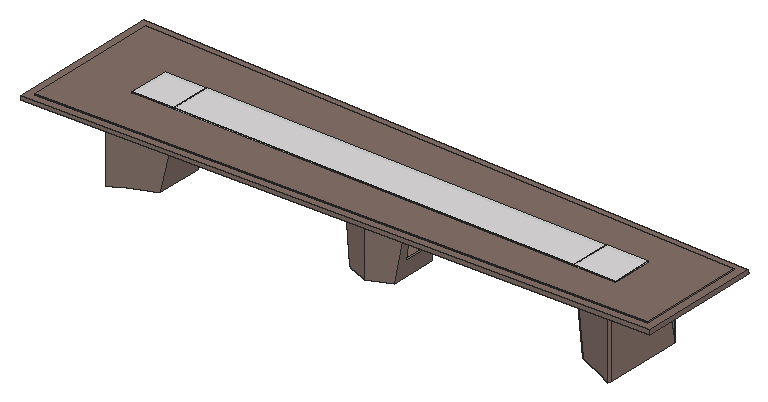
Revit family "Haworth_ExecutiveWoodTablesA5_Wedge", category Furniture Systems, Revit 2018
Family settings
  Round Connector Dimension = Use Diameter
  Part Type = Normal
  OmniClass Number = 23.40.70.14.64.21
  OmniClass Title = Systems Furniture
  Work Plane-Based = No
  Always vertical = Yes
  Cut with Voids When Loaded = No
  Shared = No
  Room Calculation Point = No
Parameters (values of type "60/48d 240w")
  Width = 240"
  Warranty = "https://www.haworth.com/resources/product-info/warranties"
  URL - Product = "https://www.haworth.com/products/tables/conference/wood-conference"
  Trim Finish = Haworth _ Glass _ Frosted
  Top Thickness = 1 1/2"  # constant formula
  Top Finish [instance] = Haworth _ Wood _ Walnut
  Top Edge Finish [instance] = Haworth _ Wood _ Walnut
  Sustainability = "https://www.haworth.com/company-info/sustainability"
  Support Finish [instance] = Haworth _ Wood _ Walnut
  Standard Widths = "120in - 240in @ 12in increments"  # constant formula
  Standard Depths = "54in or 60in"  # constant formula
  Size = "Verify Final Dim. w/ Haworth"  # constant formula
  Power Module [instance] = yes
  Model = "Haworth Executive Wood Tables A5"
  URL = "https://www.haworth.com/"
  Revision Number = "1"  # constant formula
  Min. Width = 120"  # constant formula
  Min. Depth = 42"  # constant formula
  Max. Width = 240"  # constant formula
  Max. Depth = 60"  # constant formula
  Manufacturer = "Haworth"  # constant formula
  Large = Actual Width > 155"  # yes
  Description = "Haworth Executive Wood Tables A5 Wedge 60/48d 240w"
  Depth = 60"
  Custom Size = not(and(or(Depth = 54", Depth = 60"), or(Width = 120", Width = 132", Width = 144", Width = 156", Width = 168", Width = 180", Width = 192", Width = 204", Width = 216", Width = 228", Width = 240")))  # no
  Author = "Haworth (Abd Rahman, Hampton)"  # constant formula
  Assembly Code = "E2020200"
  Actual Width = if(Width > Max. Width, Max. Width, if(Width < Min. Width, Min. Width, Width))  # 240"
  Actual Height = 29 1/2"  # constant formula
  Actual Depth Right = Actual Depth - 12"  # 48"
  Actual Depth = if(Depth > Max. Depth, Max. Depth, if(Depth < Min. Depth, Min. Depth, Depth))  # 60"
Types (7): name | Width | Large | Description | Depth | Actual Width | Actual Depth Right | Actual Depth
  (no name) | 240" | yes | "Haworth Executive Wood Tables A5 Wedge 60/48d 240w" | 60" | 240" | 48" | 60"
  60/48d 240w | 240" | yes | "Haworth Executive Wood Tables A5 Wedge 60/48d 240w" | 60" | 240" | 48" | 60"
  60/48d 180w | 180" | yes | "Haworth Executive Wood Tables A5 Wedge 60/48d 180w" | 60" | 180" | 48" | 60"
  60/48d 120w | 120" | no | "Haworth Executive Wood Tables A5 Wedge 60/48d 120w" | 60" | 120" | 48" | 60"
  54/42d 120w | 120" | no | "Haworth Executive Wood Tables A5 Wedge 54/42d 120w" | 54" | 120" | 42" | 54"
  54/42d 180w | 180" | yes | "Haworth Executive Wood Tables A5 Wedge 54/42d 180w" | 54" | 180" | 42" | 54"
  54/42d 240w | 240" | yes | "Haworth Executive Wood Tables A5 Wedge 54/42d 240w" | 54" | 240" | 42" | 54"
Reference planes (in)
  plane 1 "Center F/B": y = -0.15866
  plane 2 "Floor": z = 0
  plane 3 "Center L/R": x = -12
  plane 4 "Table Edge Left": x = -132
  plane 5 "Table Top": z = 29.5
  plane 6 "Table Top Bottom": z = 28
  plane 7 "Leg Outside Left": x = -110
  plane 8 "Leg Outside Right": x = 86
  plane 9 "Left Back": y = 29.84134
  plane 10 "Left Front": y = -30.15866
  plane 11 "Table Middle": z = 29
  plane 12 "Shelf Bottom": z = 29.875
  plane 13 "Shelf Top": z = 29.875
  plane 14 "Shelf 4": x = 65.6775
  plane 15 "Shelf 5": x = 65.9275
  plane 16 "Shelf 6": x = 82.0575
  plane 17 "Shelf 3": x = -89.6775
  plane 18 "Shelf 2": x = -89.9275
  plane 19 "Shelf 1": x = -106.0575
  plane 20 "Shelf Back": y = 7.93134
  plane 21 "Shelf Front": y = -8.24866
  plane 22 "Beam 2": y = -5.71578
  plane 23 "Beam 1": y = -6.71578
  plane 24 "Beam 3": y = 5.39846
  plane 25 "Beam 4": y = 6.39846
  plane 26 "Beam Bottom": z = 22.22715
  plane 27: x = 108
  plane 28: x = -128.87
  plane 29: x = 104.87
  plane 30: y = 26.71134
  plane 31: y = -27.02866
  plane 32: y = 7.93134
  plane 33: y = -8.24866
  plane 34: z = 29.5
  plane 35: y = 23.84134
  plane 36: y = -24.15866
  plane 37: z = 30.375
Forms (in)
  Extrusion 1, solid, material "Haworth _ Wood _ Walnut" <- "Top Edge Finish"
    sketch origin (0, 0, 0) x (1, 0, 0) y (0, 1, 0)
      loop
        line (-132, 29.84134) -> (-132, -30.15866) -> (108, -24.15444) -> (108, 23.80983) -> (-132, 29.84134)
    from 28 to 29.5
  Extrusion 2, solid, material "Haworth _ Glass _ Frosted" <- "Trim Finish"
    sketch origin (-12, 0, 0) x (1, 0, 0) y (0, 1, 0)
      loop
        line (-94.0575, 7.93134) -> (-94.0575, -8.24866) -> (-77.9275, -8.24866) -> (-77.9275, 7.93134) -> (-94.0575, 7.93134)
      loop
        line (-77.6775, 7.93134) -> (-77.6775, -8.24866) -> (77.6775, -8.24866) -> (77.6775, 7.93134) -> (-77.6775, 7.93134)
      loop
        line (77.9275, 7.93134) -> (77.9275, -8.24866) -> (94.0575, -8.24866) -> (94.0575, 7.93134) -> (77.9275, 7.93134)
    from 29.875 to 30.375
  Extrusion 3, solid, material "Haworth _ Wood _ Walnut" <- "Support Finish"
    sketch origin (-0.21499, 1.81009, 0) x (-1, 0, 0) y (0, 0, 1)
      loop
        line (88.70017, 28) -> (-65.14063, 28) -> (-66.1425, 22.22715) -> (89.70204, 22.22715) -> (88.70017, 28)
    from 3.58837 to 4.58837
  Extrusion 4, solid, material "Haworth _ Wood _ Walnut" <- "Support Finish"
    sketch origin (-0.21499, -2.12741, 0) x (-1, 0, 0) y (0, 0, -1)
      loop
        line (88.70017, -28) -> (89.70204, -22.22715) -> (-66.1425, -22.22715) -> (-65.14063, -28) -> (88.70017, -28)
    from 3.58837 to 4.58837
  Extrusion 5, solid, material "Haworth _ Wood _ Walnut" <- "Top Finish"
    sketch origin (0, 0, 0) x (1, 0, 0) y (0, 1, 0)
      loop
        line (-128.87, -27.0794) -> (104.87, -21.10593) -> (104.87, 20.78861) -> (-128.87, 26.71134) -> (-128.87, -27.0794)
      loop
        line (-106.0575, 7.93134) -> (-106.0575, -8.24866) -> (82.0575, -8.24866) -> (82.0575, 7.93134) -> (-106.0575, 7.93134)
    from 29.5 to 29.875
Lines and regions (in)
  Masking region 1
    outline origin (0, 0, 0) x (1, 0, 0) y (0, 1, 0)
      loop
        line (-132, 29.84134) -> (-132, -30.15866) -> (108, -24.15444) -> (108, 23.80983) -> (-132, 29.84134)
  symbolic lines, style "Haworth", visible <- "Power Module"
    curve 1: line (-106.0575, 7.93134, 0) -> (82.0575, 7.93134, 0)
    curve 2: line (-106.0575, -8.24866, 0) -> (-106.0575, 7.93134, 0)
    curve 3: line (82.0575, -8.24866, 0) -> (-106.0575, -8.24866, 0)
    curve 4: line (82.0575, 7.93134, 0) -> (82.0575, -8.24866, 0)
Dimensions and locks (in)
  "Actual Height": plane 5 "Table Top" to level
  "Top Thickness": plane 5 "Table Top" to plane 6 "Table Top Bottom"
  plane 11 "Table Middle" to plane 6 "Table Top Bottom" = 1"
  "Actual Depth": plane 10 "Left Front" to plane 9 "Left Back"
  "Actual Width": plane 4 "Table Edge Left" to plane 27
  equal spacing: plane 4 "Table Edge Left", plane 3 "Center L/R", plane 27
  equal spacing: plane 9 "Left Back", plane 1 "Center F/B", plane 10 "Left Front"
  plane 4 "Table Edge Left" to plane 7 "Leg Outside Left" = 22"
  plane 8 "Leg Outside Right" to plane 27 = 22"
  plane 4 "Table Edge Left" to plane 28 to plane 7 "Leg Outside Left" to plane 19 "Shelf 1" to plane 18 "Shelf 2" to plane 17 "Shelf 3" = 3.13", 18.87", 3.9425", 16.13", 1/4"
  plane 14 "Shelf 4" to plane 15 "Shelf 5" to plane 16 "Shelf 6" to plane 8 "Leg Outside Right" to plane 29 to plane 27 = 1/4", 16.13", 3.9425", 18.87", 3.13"
  locked: plane 10 "Left Front" to plane 31 at 3.13
  locked: plane 9 "Left Back" to plane 30 at 3.13
  "Actual Depth Right": plane 36 to plane 35
  equal spacing: plane 36, plane 1 "Center F/B", plane 35
  locked: plane 37 to plane 13 "Shelf Top" at 0.5
  aligned and locked: Extrusion 1 to plane 5 "Table Top"
  aligned: Extrusion 1 to plane 6 "Table Top Bottom"
  aligned and locked: plane 1 "Center F/B" to nested 1
  aligned and locked: plane 7 "Leg Outside Left" to nested 1
  aligned and locked: nested 2 to plane 1 "Center F/B"
  aligned and locked: plane 8 "Leg Outside Right" to nested 2
  aligned and locked: Extrusion 1 sketch curve to plane 27
  aligned and locked: Extrusion 3 to plane 15 "Shelf 5"
  aligned and locked: Extrusion 4 to Extrusion 3
  aligned and locked: Extrusion 4 to plane 15 "Shelf 5"
  aligned and locked: plane 29 to Extrusion 5 sketch curve
  aligned and locked: Extrusion 5 sketch curve to plane 28
  aligned and locked: Extrusion 5 sketch curve to plane 16 "Shelf 6"
  aligned and locked: plane 33 to Extrusion 5 sketch curve
  aligned and locked: Extrusion 5 sketch curve to plane 32
  aligned and locked: Extrusion 5 sketch curve to plane 19 "Shelf 1"
  aligned and locked: Extrusion 2 sketch curve to plane 16 "Shelf 6"
  aligned and locked: Extrusion 2 sketch curve to plane 32  (x3)
  aligned and locked: plane 33 to Extrusion 2 sketch curve  (x3)
  aligned and locked: plane 15 "Shelf 5" to Extrusion 2 sketch curve
  aligned and locked: Extrusion 2 sketch curve to plane 14 "Shelf 4"
  aligned and locked: Extrusion 2 sketch curve to plane 17 "Shelf 3"
  aligned and locked: plane 18 "Shelf 2" to Extrusion 2 sketch curve
  aligned and locked: Extrusion 2 sketch curve to plane 19 "Shelf 1"
  aligned and locked: plane 28 to Extrusion 5  (x4)
  aligned and locked: Extrusion 5 to plane 29  (x6)
  aligned and locked: Extrusion 5 to plane 32
  aligned and locked: Extrusion 5 to plane 16 "Shelf 6"
  aligned and locked: plane 33 to Extrusion 5
  aligned and locked: Extrusion 5 to plane 19 "Shelf 1"
  aligned and locked: Extrusion 1 sketch curve to plane 4 "Table Edge Left"
  aligned and locked: Extrusion 1 to plane 27  (x2)
  aligned and locked: Extrusion 1 to plane 4 "Table Edge Left"  (x2)
  aligned and locked: plane 9 "Left Back" to Extrusion 1 sketch curve
  aligned and locked: plane 10 "Left Front" to Extrusion 1 sketch curve
  aligned and locked: plane 30 to Extrusion 5 sketch curve
  aligned and locked: Masking region 1 sketch curve to Extrusion 1  (x3)
  aligned and locked: plane 4 "Table Edge Left" to Masking region 1 sketch curve
  aligned and locked: plane 3 "Center L/R" to nested 3
  aligned and locked: plane 1 "Center F/B" to nested 3
  aligned and locked: plane 13 "Shelf Top" to Extrusion 5
  aligned and locked: plane 13 "Shelf Top" to Extrusion 2
  aligned and locked: plane 37 to Extrusion 2
  aligned and locked: plane 16 "Shelf 6" to curve 3
Automatic sketch dimensions
  Extrusion 3 sketch curve to plane 15 "Shelf 5" = 0"
  Extrusion 3 sketch curve to plane 6 "Table Top Bottom" = 0"
  Extrusion 3 sketch curve to plane 18 "Shelf 2" = 0.01047"
  Extrusion 3 sketch curve to plane 26 "Beam Bottom" = 0"
  Extrusion 3 sketch curve to plane 14 "Shelf 4" = 0.75187"
  Extrusion 3 sketch curve to plane 17 "Shelf 3" = 0.76234"
  Extrusion 4 sketch curve to plane 15 "Shelf 5" = 0"
  Extrusion 4 sketch curve to plane 6 "Table Top Bottom" = 0"
  Extrusion 4 sketch curve to plane 18 "Shelf 2" = 0.01047"
  Extrusion 4 sketch curve to plane 26 "Beam Bottom" = 0"
  Extrusion 4 sketch curve to plane 14 "Shelf 4" = 0.75187"
  Extrusion 4 sketch curve to plane 17 "Shelf 3" = 0.76234"
  plane 35 to Extrusion 1 sketch curve = 0.03151"
  Extrusion 1 sketch curve to plane 36 = 0.00422"
  plane 35 to Extrusion 5 sketch curve = 3.05273"
  Extrusion 5 sketch curve to plane 31 = 0.05074"
  Extrusion 5 sketch curve to plane 36 = 3.05273"
  curve 3 to plane 19 "Shelf 1" = 0"
  plane 21 "Shelf Front" to curve 4 = 0"
  curve 2 to plane 20 "Shelf Back" = 0"
Nested families (in)
  nested 1: "Haworth_Executive-A5-Table-Base_End" at (-110, 0, 0), type "End"
  nested 2: "Haworth_Executive-A5-Table-Base_End" at (86, -0.31732, 0) x (-1, 0, 0) z (0, 0, 1), type "End"
  nested 3: "Haworth_Executive-A5-Table-Base_Middle" at (-12, 0, 0), visible <- "Large", type "Middle"
Definition of nested family "Haworth_Executive-A5-Table-Base_End"
  Parameters
    Warranty = "http://haworth.com/bottom-nav/product-info/warranty-info"
    URL - Product = "http://haworth.com/home/tables/executive/wood-conference-tables"
    Sustainability = "http://haworth.com/bottom-nav/company-info/sustainability"
    Support Finish = none
    Size = "Verify Final Dim. w/ Haworth"  # constant formula
    Model = "Haworth_Executive-A5-Table-Base_Middle"  # constant formula
    URL = "http://haworth.com/"
    Revision Number = "1"  # constant formula
    Manufacturer = "Haworth"  # constant formula
    Description = "Haworth_Executive-A5-Table-Base_Middle"
    Custom = "SPECIAL PRODUCT"  # constant formula
    Author = "Haworth (Hampton)"  # constant formula
    Assembly Code = "E2020200"
    Actual Width = 20 55/64"  # constant formula
    Actual Height = 28"  # constant formula
    Actual Depth = 32 25/32"  # constant formula
  Reference planes (in)
    plane 1 "Center F/B": y = -0.15866
    plane 2 "Floor": z = 0
    plane 3 "Center L/R": x = 0
    plane 4 "Table Base Right": x = 20.85937
    plane 5 "Front": y = -16.54928
    plane 6 "Back": y = 16.23197
    plane 7 "Table Top Bottom": z = 28
    plane 8 "Cut Top": z = 18.26903
    plane 9 "Cut Bottom": z = 6.42418
  Forms (in)
    Blend 1, solid, material <- "Support Finish"
      base sketch origin (0, 0, 0) x (1, 0, 0) y (0, 1, 0)
        loop
          line (-0.00489, -15.78374) -> (0.31696, -16.47395) -> (16, -9.15866) -> (15.2404, -8.67474) -> (-0.00489, -15.78374)
      top sketch origin (0, 0, 0) x (1, 0, 0) y (0, 1, 0)
        loop
          line (20.09729, -6.40715) -> (-0.00489, -15.78374) -> (0.31696, -16.47395) -> (20.85937, -6.89487) -> (20.09729, -6.40715)
      from 0 to 28
    Blend 2, solid, material <- "Support Finish"
      base sketch origin (0, -0.31732, 0) x (1, 0, 0) y (0, 1, 0)
        loop
          line (-0.00489, 15.78374) -> (15.2404, 8.67474) -> (16, 9.15866) -> (0.31696, 16.47395) -> (-0.00489, 15.78374)
      top sketch origin (0, -0.31732, 0) x (1, 0, 0) y (0, 1, 0)
        loop
          line (20.09729, 6.40715) -> (20.85937, 6.89487) -> (0.31696, 16.47395) -> (-0.00489, 15.78374) -> (20.09729, 6.40715)
      from 0 to 28
    Blend 3, solid, material <- "Support Finish"
      base sketch origin (0, 0, 0) x (1, 0, 0) y (0, 1, 0)
        loop
          line (15.2404, -8.67474) -> (16, -9.15866) -> (16, 8.84134) -> (15.2404, 8.35742) -> (15.2404, -8.67474)
      top sketch origin (0, 0, 28) x (-1, 0, 0) y (0, -1, 0)
        loop
          line (-20.09729, 6.40715) -> (-20.85937, 6.89487) -> (-20.85937, -6.57755) -> (-20.09729, -6.08983) -> (-20.09729, 6.40715)
      from 0 to 0
    Blend 4, solid, material <- "Support Finish"
      base sketch origin (0, 0, 0) x (1, 0, 0) y (0, 1, 0)
        loop
          line (-0.00489, -15.78374) -> (0.75449, -15.42953) -> (0.75449, 15.11221) -> (-0.00489, 15.46642) -> (-0.00489, -15.78374)
      top sketch origin (0, 0, 0) x (1, 0, 0) y (0, 1, 0)
        loop
          line (3.49656, -14.1505) -> (4.23615, -13.80562) -> (4.23615, 13.4883) -> (3.49656, 13.83318) -> (3.49656, -14.1505)
      from 0 to 27.21163
  Lines and regions (in)
    symbolic lines, detail levels fine
      curve 1: line (20.85937, 6.57755, 28) -> (0.31696, 16.15663, 28)
      curve 2: line (0.31696, 16.15663, 28) -> (-0.00489, 15.46642, 28)
      curve 3: line (-0.00489, -15.78374, 28) -> (0.31696, -16.47395, 28)
      curve 4: line (0.31696, -16.47395, 28) -> (20.85937, -6.89487, 28)
      curve 5: line (20.85937, -6.89487, 28) -> (20.85937, 6.57755, 28)
      curve 6: line (-0.00489, -15.78374, 28) -> (-0.00489, 15.46642, 28)
      curve 7: line (20.85937, -6.89487, 28) -> (20.85937, 6.57755, 28)
  Dimensions and locks (in)
    "Actual Depth": plane 6 "Back" to plane 5 "Front"
    equal spacing: plane 6 "Back", plane 1 "Center F/B", plane 5 "Front"
    "Actual Width": plane 3 "Center L/R" to plane 4 "Table Base Right"
    aligned and locked: Blend 4 to level
    aligned: plane 7 "Table Top Bottom" to Blend 4
  Automatic sketch dimensions
    Blend 1 sketch curve to plane 3 "Center L/R" = 0.00489"  (x2)
    plane 5 "Front" to Blend 1 sketch curve = 0.07533"  (x2)
    plane 3 "Center L/R" to Blend 1 sketch curve = 0.31696"  (x2)
    Blend 1 sketch curve to plane 4 "Table Base Right" = 5.61897"
    Blend 1 sketch curve to Blend 1 sketch curve = 0.7596"
    Blend 1 sketch curve to Blend 1 sketch curve = 0.69021"  (x2)
    Blend 1 sketch curve to Blend 1 sketch curve = 0.48392"
    Blend 1 sketch curve to plane 4 "Table Base Right" = 0"
    Blend 1 sketch curve to plane 4 "Table Base Right" = 0.76208"
    Blend 1 sketch curve to Blend 1 sketch curve = 0.48771"
    plane 3 "Center L/R" to Blend 2 sketch curve = 0.00489"  (x2)
    plane 6 "Back" to Blend 2 sketch curve = 0.07533"  (x2)
    Blend 2 sketch curve to plane 3 "Center L/R" = 0.31696"  (x2)
    plane 4 "Table Base Right" to Blend 2 sketch curve = 5.61897"
    Blend 2 sketch curve to Blend 2 sketch curve = 0.7596"
    Blend 2 sketch curve to Blend 2 sketch curve = 0.69021"  (x2)
    Blend 2 sketch curve to Blend 2 sketch curve = 0.48392"
    Blend 2 sketch curve to plane 4 "Table Base Right" = 0"
    plane 4 "Table Base Right" to Blend 2 sketch curve = 0.76208"
    Blend 2 sketch curve to Blend 2 sketch curve = 0.48771"
    Blend 3 sketch curve to plane 4 "Table Base Right" = 5.61897"
    Blend 3 sketch curve to Blend 3 sketch curve = 0.7596"
    plane 5 "Front" to Blend 3 sketch curve = 7 25/64"
    Blend 3 sketch curve to Blend 3 sketch curve = 0.48392"  (x2)
    Blend 3 sketch curve to plane 6 "Back" = 7.87454"
    Blend 3 sketch curve to plane 4 "Table Base Right" = 0"
    Blend 3 sketch curve to plane 4 "Table Base Right" = 0.76208"
    Blend 3 sketch curve to plane 1 "Center F/B" = 6.73621"
    Blend 3 sketch curve to Blend 3 sketch curve = 0.48771"  (x2)
    plane 1 "Center F/B" to Blend 3 sketch curve = 6.24849"
    Blend 4 sketch curve to plane 3 "Center L/R" = 0.00489"
    plane 3 "Center L/R" to Blend 4 sketch curve = 0.75449"
    plane 5 "Front" to Blend 4 sketch curve = 0.76555"
    Blend 4 sketch curve to Blend 4 sketch curve = 0.35421"
    Blend 4 sketch curve to plane 6 "Back" = 1.11976"
    Blend 4 sketch curve to plane 6 "Back" = 0.76555"
    plane 3 "Center L/R" to Blend 4 sketch curve = 3.49656"
    Blend 4 sketch curve to Blend 4 sketch curve = 0.73959"
    plane 5 "Front" to Blend 4 sketch curve = 2.39879"
    Blend 4 sketch curve to Blend 4 sketch curve = 0.34488"  (x2)
    Blend 4 sketch curve to plane 6 "Back" = 2.74366"
    curve 1 to plane 4 "Table Base Right" = 0"
    plane 5 "Front" to curve 4 = 0.07533"
    plane 3 "Center L/R" to curve 4 = 0.31696"
    curve 1 to plane 6 "Back" = 0.07533"
    plane 3 "Center L/R" to curve 1 = 0.31696"
    curve 6 to plane 3 "Center L/R" = 0.00489"
    curve 1 to curve 2 = 0.69021"
    plane 1 "Center F/B" to curve 5 = 6.73621"
Definition of nested family "Haworth_Executive-A5-Table-Base_Middle"
  Parameters (values of type "Middle")
    Warranty = "http://haworth.com/bottom-nav/product-info/warranty-info"
    URL - Product = "http://haworth.com/home/tables/executive/wood-conference-tables"
    Sustainability = "http://haworth.com/bottom-nav/company-info/sustainability"
    Support Finish = none
    Size = "Verify Final Dim. w/ Haworth"  # constant formula
    Model = "Haworth_Executive-A5-Table-Base_Middle"  # constant formula
    URL = "http://haworth.com/"
    Revision Number = "1"  # constant formula
    Manufacturer = "Haworth"  # constant formula
    Description = "Haworth_Executive-A5-Table-Base_Middle"
    Custom = "SPECIAL PRODUCT"  # constant formula
    Author = "Haworth (Hampton)"  # constant formula
    Assembly Code = "E2020200"
    Actual Width = 25 3/4"  # constant formula
    Actual Height = 29 1/2"  # constant formula
    Actual Depth = 25 7/16"  # constant formula
  Reference planes (in)
    plane 1 "Center F/B": y = -0.15866
    plane 2 "Floor": z = 0
    plane 3 "Center L/R": x = 0
    plane 4 "Table Edge Left": x = -12.875
    plane 5 "Table Edge Right": x = 12.875
    plane 6 "Front": y = -12.87741
    plane 7 "Back": y = 12.56009
    plane 8 "Table Top Bottom": z = 28
    plane 9 "Bottom Offset Back": y = 8.81009
    plane 10 "Bottom Offset Front": y = -9.12741
    plane 11 "Top Offset Back": y = 6.56009
    plane 12 "Top Offset Front": y = -6.87741
    plane 13 "Bottom Right Offset": x = 8.81989
    plane 14 "Bottom Left Offset": x = -8.81989
    plane 15 "Cut Left": y = -5.04055
    plane 16 "Cut Right": y = 4.72323
    plane 17 "Cut Top": z = 18.26903
    plane 18 "Cut Bottom": z = 6.42418
  Forms (in)
    Blend 1, solid, material <- "Support Finish"
      base sketch origin (0, 0, 0) x (1, 0, 0) y (0, 1, 0)
        loop
          line (0, 12.56009) -> (-8.81989, 8.81009) -> (-8.81989, -9.12741) -> (0, -12.87741) -> (8.81989, -9.12741) -> (8.81989, 8.81009) -> (0, 12.56009)
      top sketch origin (0, 0, 0) x (1, 0, 0) y (0, 1, 0)
        loop
          line (0, 12.56009) -> (-12.875, 6.56009) -> (-12.875, -6.87741) -> (0, -12.87741) -> (12.875, -6.87741) -> (12.875, 6.56009) -> (0, 12.56009)
      from 0 to 28
    Blend 2, void
      base sketch origin (0, 0, 0) x (1, 0, 0) y (0, 1, 0)
        loop
          line (-8.06989, 8.314) -> (-8.06989, -8.63131) -> (0, -12.06243) -> (8.06989, -8.63131) -> (8.06989, 8.314) -> (0, 11.74512) -> (-8.06989, 8.314)
      top sketch origin (0, 0, 0) x (1, 0, 0) y (0, 1, 0)
        loop
          line (0, 11.73265) -> (-12.125, 6.08216) -> (-12.125, -6.39948) -> (0, -12.04997) -> (12.125, -6.39948) -> (12.125, 6.08216) -> (0, 11.73265)
      from 1.00769 to 28
    Extrusion 3, void
      sketch origin (0, 0, 0) x (0, 1, 0) y (0, 0, 1)
        loop
          line (-5.04055, 18.26903) -> (-5.04055, 6.42418) -> (4.72323, 6.42418) -> (4.72323, 18.26903) -> (-5.04055, 18.26903)
      from -15.83304 to 16.09976
  Cuts and joins
    Blend 2, Extrusion 3 cuts Blend 1
  Lines and regions (in)
    symbolic lines, detail levels fine
      curve 1: line (0, 12.56009, 0) -> (-12.875, 6.56009, 0)
      curve 2: line (-12.875, 6.56009, 0) -> (-12.875, -6.87741, 0)
      curve 3: line (-12.875, -6.87741, 0) -> (0, -12.87741, 0)
      curve 4: line (0, -12.87741, 0) -> (12.875, -6.87741, 0)
      curve 5: line (12.875, -6.87741, 0) -> (12.875, 6.56009, 0)
      curve 6: line (12.875, 6.56009, 0) -> (0, 12.56009, 0)
  Dimensions and locks (in)
    "Actual Depth": plane 7 "Back" to plane 6 "Front"
    "Actual Width": plane 4 "Table Edge Left" to plane 5 "Table Edge Right"
    equal spacing: plane 4 "Table Edge Left", plane 3 "Center L/R", plane 5 "Table Edge Right"
    equal spacing: plane 7 "Back", plane 1 "Center F/B", plane 6 "Front"
    plane 10 "Bottom Offset Front" to plane 6 "Front" = 3 3/4"
    plane 7 "Back" to plane 9 "Bottom Offset Back" = 3 3/4"
    plane 12 "Top Offset Front" to plane 6 "Front" = 6"
    plane 7 "Back" to plane 11 "Top Offset Back" = 6"
    aligned and locked: Blend 1 to level
    aligned and locked: plane 8 "Table Top Bottom" to Blend 1
    aligned and locked: Extrusion 3 sketch curve to plane 17 "Cut Top"
    aligned and locked: plane 15 "Cut Left" to Extrusion 3 sketch curve
    aligned and locked: plane 18 "Cut Bottom" to Extrusion 3 sketch curve
    aligned and locked: plane 16 "Cut Right" to Extrusion 3 sketch curve
  Automatic sketch dimensions
    Blend 1 sketch curve to plane 9 "Bottom Offset Back" = 0"  (x2)
    Blend 1 sketch curve to plane 14 "Bottom Left Offset" = 0"
    Blend 1 sketch curve to plane 3 "Center L/R" = 0"  (x4)
    Blend 1 sketch curve to plane 13 "Bottom Right Offset" = 0"
    Blend 1 sketch curve to plane 6 "Front" = 0"  (x2)
    plane 10 "Bottom Offset Front" to Blend 1 sketch curve = 0"  (x2)
    Blend 1 sketch curve to plane 7 "Back" = 0"  (x2)
    Blend 1 sketch curve to plane 4 "Table Edge Left" = 0"
    Blend 1 sketch curve to plane 5 "Table Edge Right" = 0"
    plane 12 "Top Offset Front" to Blend 1 sketch curve = 0"  (x2)
    Blend 1 sketch curve to plane 11 "Top Offset Back" = 0"  (x2)
    Blend 2 sketch curve to plane 9 "Bottom Offset Back" = 127/256"  (x2)
    Blend 2 sketch curve to plane 14 "Bottom Left Offset" = 3/4"
    plane 3 "Center L/R" to Blend 2 sketch curve = 0"  (x2)
    Blend 2 sketch curve to plane 10 "Bottom Offset Front" = 127/256"  (x2)
    Blend 2 sketch curve to plane 7 "Back" = 0.81498"
    Blend 2 sketch curve to plane 3 "Center L/R" = 0"  (x2)
    plane 6 "Front" to Blend 2 sketch curve = 0.81498"
    Blend 2 sketch curve to plane 13 "Bottom Right Offset" = 3/4"
    plane 4 "Table Edge Left" to Blend 2 sketch curve = 3/4"
    Blend 2 sketch curve to plane 12 "Top Offset Front" = 0.47793"  (x2)
    Blend 2 sketch curve to plane 11 "Top Offset Back" = 0.47793"  (x2)
    Blend 2 sketch curve to plane 7 "Back" = 0.82744"
    plane 6 "Front" to Blend 2 sketch curve = 0.82744"
    Blend 2 sketch curve to plane 5 "Table Edge Right" = 3/4"
    curve 1 to plane 4 "Table Edge Left" = 0"
    curve 3 to plane 3 "Center L/R" = 0"
    curve 6 to plane 3 "Center L/R" = 0"
    curve 6 to plane 5 "Table Edge Right" = 0"
    curve 4 to plane 6 "Front" = 0"
    plane 12 "Top Offset Front" to curve 2 = 0"
    plane 12 "Top Offset Front" to curve 4 = 0"
    curve 6 to plane 11 "Top Offset Back" = 0"
    curve 1 to plane 11 "Top Offset Back" = 0"
    curve 6 to plane 7 "Back" = 0"
